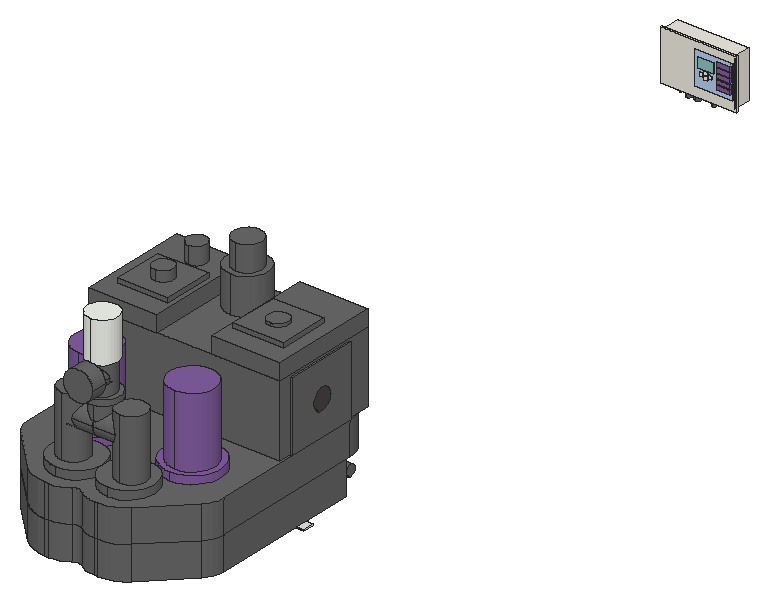
Revit family "11003", category Generic Models, Revit 2021
Family settings
  Can host rebar = No
  Round Connector Dimension = Use Diameter
  Part Type = Normal
  Work Plane-Based = No
  Always vertical = Yes
  Cut with Voids When Loaded = No
  Shared = Yes
  Room Calculation Point = No
Parameters (values of type "11003")
  SUPPLIER = "KESSEL"
  SA700ID49 = "Protection Class I"
  SA700ID48 = "no"
  SA700ID47 = "no"
  SA700ID46 = "yes"
  SA700ID37 = 7000 mm
  SA700ID34 = 38
  SA700ID33 = 1.6 W
  SA700ID32 = 99.93 kg
  SA700ID31 = 1
  SA700ID30 = 2
  SA700ID29 = "RWDR"
  SA700ID21 = 700
  SA700ID10 = "No"
  SA700ID08 = 230 V
  PROCUREWEBLINK = "https://p.caden.as/kessel/11003"
  PROCURELINK = "p.caden.as/kessel/11003"
  PROCUREDATALASTUPDATE = "2024-05-22T12:18:07.161584781+01:00"
  PREVIEW = "../../bilder/ksb_w_11003.png"
  PRC_SPECIFICATIONLINK = "https://ausschreiben.de/catalog/kessel/catalogItem/0a399993-a83f-419d-95d9-e2626e5854da"
  NN = "Lifting station Aqualift F XL"
  NBSYN = "$SA810ID03."
  NB = "11003"
  Model = "11003"
  Manufacturer = "KESSEL"
  MIdent = "{$CADENAS_DATA/23d-libs/kessel/kessel_vdi_import/4/entwaesserung/hebeanlage20aqualift20f20xl.prj},201 {STYP=ASS},{VTYP=3D},{NB=11003},{LINA=11003},{NN=Lifting station Aqualift F XL},{DATE=21.11.2022 10:48:11},{GEOMDATE=21.11.2022 10:48:11},{VERSION=},{LINEID=170},{WBVAR=LODLEVEL},{WBNUMERIC=LODLEVEL}  {NB=11003},{LINA=11003},{KT=DUMMY},{PREVIEW=../../bilder/ksb_w_11003.png},{SA700ID04=Hebeanlage Aqualift F XL 200 l, Duo, SPF 1400-S3, Schieber },{SA810ID06=04026092056707},{SA700ID34=38.00},{SA010ID03=201805},{SA810ID03=11003},{SA810ID10=Aqualift F XL 1400W-S3 Duo 200L m.S.KESSEL Aqualift F XL Hebeanlage für fäkalienhaltiges und fäkalienfreies Abwasser. Zur Aufstellung in frostgeschützten Räumen. Duoanlage mit zwei Pumpen des Typs SPF 1400-S3Sammelbehälter aus Polyethylen, mit verschraubter Reinigungsöffnung, Anschlussstutzen für Zulauf von oben DN100/150.Inklusive Tauchrohr zur pneumatischen Niveauerfassung,Entlüftungsanschluss DN 70 und Anschluss für eine Handmembranpumpe DN32.Behälter inklusive Haltewinkel zur Auftriebssicherung.Behältervolumen 200 Liter, max. Nutzvolumen bei Zulauf von oben ca. 120 Liter.Zwei seitliche und zwei rückseitige Anbohrflächen zur Montage weiterer Zuläufe bis DN 200 unter Verwendung von Durchgangsdichtungen.Inklusive KESSEL Schaltgerät Aqualift Comfort 230 V.Anwenderfreundliche Menüführung im mehrzeiligem Display. MitSelbstdiagnosesystem (SDS) und Erinnerungsfunktion für nächste Wartung.Anzeige der aktuellen Messwerte. Einfache Einstellung derfunktionsrelevanten Parameter, inklusive Betriebsstundenzähler und Anschlussmöglichkeit für potentialfreien Kontakt. OptionaleWeiterleitung von Alarm- und Sammelstörmeldung über GSM Schnittstelle.Schaltgerät mit Volltextanzeige in sechs Sprachen.Abwasserpumpe(n) mit Freistromrad zur Förderung von fäkalienfreiem und fäkalienhaltigem Abwasser gemäß DIN EN 12050-1. Freier Kugeldurchgang mindestens 40 mm. Pumpe(n) überflutungssicher. Inklusive Rückflussverhinderer, mit Druckabgang aus Kunststoff DN 100. Inklusive Absperrschieber.Pumpe(n) Typ SPF 1400-S3Fördermenge: max. 38 m³/hFörderhöhe: max. 7 mNennleistung (P2): 1,1 KW je PumpeAufnahmeleistung (P1): 1,6 KW je PumpeBetriebsspannung: 230 V WSNennfrequenz: 50 HzNennstrom: 7,3 AAbsicherung: 1 x 16 A trägeSchutzart (Pumpe): IP68 3mWS/48hSchutzart (Schaltgerät): IP 54Bertiebsart: S3 (50 % Einschaltdauer)Kabellänge: 5 mAußenmaße Anlage mit 200 Liter Behälter (BxTxH): 760 x 980 x 770 mm},{SA700ID37=7.00},{SA700ID33=1.60},{SA700ID08=230},{SA700ID30=2},{SA700ID32=99.93},{SA700ID49=Schutzklasse I},{SA700ID50=nein},{SA200ID03=6},{SA250ID03=vertikal},{SA260ID03=Trockenläuferpumpe},{SA350ID03=normalansaugend},{SA400ID03=E-Motor für Wechselstrom},{SA460ID03=direkt},{SA500ID03=Kunststoff, Edelstahl},{SA700ID06=100},{SA700ID07=100},{SA700ID09=1/N/PE 230V},{SA700ID10=Nein},{SA700ID11=50},{SA700ID12=IP 68},{SA700ID13=F},{SA700ID15=40},{SA700ID21=700.00},{SA700ID22=1.10},{SA700ID23=1370},{SA700ID24=1370},{SA700ID26=7.30},{SA700ID27=23.00},{SA700ID28=durchgehend},{SA700ID29=RWDR},{SA700ID31=1},{SA700ID46=ja},{SA700ID47=nein},{SA700ID48=nein},{SA110ID04=Hebeanlage Aqualift F XL},{SA300ID03=einstufig},{SA700ID44=10.00},{SA700ID45=10.00},{SA010ID04=KESSEL AG},{LODLEVEL=200},{LINK=https://www.kessel.de/info?han=11003},{SA970ID01=970},{SA970ID02=7124},{SA970ID03=11003},{SA970ID04=11002617},{SA970ID05=QUAD},{SA970ID06=-410.05},{SA970ID07=-850.05},{SA970ID08=0},{SA970ID09=1},{SA970ID10=0},{SA970ID11=0},{SA970ID12=0},{SA970ID13=1},{SA970ID14=0},{SA970ID15=820.09},{SA970ID16=980.02},{SA970ID17=818.98},{LODLEVEL_=200,'Low'},{LODLEVEL_DEU=200,'Low'},{LINK_=https://www.kessel.de/info?han=11003},{LINK_DEU=https://www.kessel.de/info?han=11003},{LODLEVEL_3DB=11003_200},{DNIN1=100},{DNIN2=70},{DNIN4=10},{DNIN5=10},{DNIN6=50},{DNIN7=50},{DNIN8=50},{DNIN9=50},{DNOUT1=32},{DNOUT2=100},{DNOUT3=70},{ISD1=96},{ISD2=10},{ISDOUT1=40},{ISDOUT2=70},{ISDOUT3=MIN},{SA010ID01=010},{SA010ID02=4},{SA010ID06=www.kessel.de},{SA010ID07=www.kessel.de},{SA010ID12=20180713},{SA010ID13=DEU},{SA010ID14=DE},{SA100ID01=100},{SA100ID02=4},{SA100ID04=Entwässerung},{SA110ID01=110},{SA110ID02=6},{SA200ID01=200},{SA200ID02=6},{SA250ID01=250},{SA250ID02=2},{SA260ID01=260},{SA260ID02=2},{SA300ID01=300},{SA300ID02=1},{SA350ID01=350},{SA350ID02=1},{SA400ID01=400},{SA400ID02=1},{SA460ID01=460},{SA460ID02=1},{SA500ID01=500},{SA500ID02=1},{SA700ID01=700},{SA700ID02=40},{SA700ID10_=0},{SA700ID16=0},{SA700ID25=0},{SA700ID46_=1},{SA700ID47_=0},{SA700ID48_=0},{SA700ID49_=1},{SA700ID50_=0},{SA800ID01=800},{SA800ID02=4},{SA810ID01=810},{SA810ID02=40},{SA810ID04=11003},{SA810ID07=40},{SA810ID09=1},{SA810ID14=PCE},{SA810ID15=1},{SA810ID16=NMP},{SA960ID03=40},{SA960ID04=3L},{SA960ID08=https://www.kessel.de/info?han=11003},{SA010ID08=4026092000007},{SA100ID05=Hebeanlage},{SA110ID06=Hebeanlage}"
  LINK = "https://www.kessel.de/info?han=11003"
  LINA = "11003"
  Default Elevation = 0 mm
  CREATOR = "CADENAS GmbH"
  CATALOG = "KESSEL"
  BOMINFO = "LINA"
  ARTICLENO = "NB"
  4.810.00.9 Order quantity (multiplicator) = "1"
  4.810.00.7 Media- connection number = "40"
  4.810.00.6 GTIN number = "04026092056707"
  4.810.00.4 DATANORM number = "11003"
  4.810.00.3 Producer order number = "11003"
  4.710.03.7 Mass (net) = 99.93 kg
  4.710.03.6 Height = 807 mm
  4.710.03.5 Width = 760 mm
  4.710.03.4 Length = 980 mm
  4.710.03.3 Type of dimensions = "2"
  4.710.02.8 Area of application of wastewater pump = "1"
  4.710.02.7 Art des S2/S3-Betriebs = "50 %"
  4.710.02.6 Duty type = "S3"
  4.710.02.5 Cutting device = "0"
  4.710.02.4 Attached pump control = "1"
  4.710.02.3 Free passage = 40 mm
  4.710.01.6 Option to connect to building automation = "40"
  4.710.01.5 Load regulation = "0"
  4.710.01.4 Designation of closed-loop control = "120"
  4.710.01.3 Identifier for closed-loop control = "200"
  4.700.00.9 Voltage = 0
  4.700.00.8 Nominal connection size on suction side = "100"
  4.700.00.7 Nominal connection size on pressure side = "100"
  4.700.00.6 Type of connection = "100"
  4.700.00.4 Product indentification = "Hebeanlage Aqualift F XL 200 l, Duo, SPF 1400-S3, Schieber "
  4.700.00.28 Motor pump shaft = "durchgehend"
  4.700.00.27 Starting current = 23
  4.700.00.26 Maximum power consumption per pump / drive = 7.3
  4.700.00.25 Minimum speed at internal speed adjustment = 0
  4.700.00.24 Nominal speed / maximum speed n = 22.8333
  4.700.00.23 Nominal speed of motor = 22.8333
  4.700.00.22 Maximum shaft output (P2) per pump/drive = 1.1 W
  4.700.00.16 Maximum temperature of pumped medium = 0 °C
  4.700.00.15 Increased safety class = "40 °C"
  4.700.00.13 Type of protection = "F"
  4.700.00.12 Frequency = 0
  4.700.00.11 Stern-/Dreieck-Anlaufschaltung bei Dreiphasenanschluss oder Drehstrom = "50 Hz"
  4.700.00.10 Phase = "0"
  4.500.00.3 Variant / Variant type / Accessories-name = "Kunststoff, Edelstahl"
  4.460.00.3 Variant / Variant type / Accessories-name = "direkt"
  4.400.00.3 Variant / Variant type / Accessories-name = "E-Motor für Wechselstrom"
  4.350.00.3 Variant / Variant type / Accessories-name = "normalansaugend"
  4.300.00.3 Variant / Variant type / Accessories-name = "einstufig"
  4.260.00.3 Variant / Variant type / Accessories-name = "Trockenläuferpumpe"
  4.250.00.3 Variant / Variant type / Accessories-name = "vertikal"
  4.200.00.3 Variant / Variant type / Accessories-name = "6"
  4.110.00.6 Product classification = "Hebeanlage"
  4.110.00.4 Product indentification = "Hebeanlage Aqualift F XL"
  4.100.00.5 Main groups of wares = "Hebeanlage"
  4.100.00.4 Product indentification = "Entwässerung"
  4.010.00.8 Producer ID number = "4026092000007"
  4.010.00.7 Comment = "www.kessel.de"
  4.010.00.6 Web address of the manufacturer = "www.kessel.de"
  4.010.00.4 Manufacturer name = "KESSEL AG"
  4.010.00.3 Date of issuance (month) of guideline = "201805"
  4.010.00.2 Sheet number of the guideline = "4"
  4.010.00.14 Kennungen der Projektländer, für die die Datei gültig ist = "DE"
  4.010.00.13 Sprache der Datei = "DEU"
  4.010.00.12 Stand des Herstellerkatalogs = "20180713"
Reference planes
  plane 1 "Center (Front/Back)": y = 0
  plane 2: z = 0
  plane 3 "Center (Left/Right)": x = 0
Forms (mm)
  Extrusion 1, void
    sketch origin (380.4, -114.999, 392) x (0, -1, 0) y (0, 0, 1)
      loop
        line (-0.5, -0.5) -> (0.5, -0.5) -> (0.5, 0.5) -> (-0.5, 0.5) -> (-0.5, -0.5)
    from 0 to 1
  Extrusion 2, void
    sketch origin (160.15, 130.5, 392) x (1, 0, 0) y (0, 0, 1)
      loop
        line (-0.5, -0.5) -> (0.5, -0.5) -> (0.5, 0.5) -> (-0.5, 0.5) -> (-0.5, -0.5)
    from 0 to 1
  Extrusion 3, void
    sketch origin (-161, 130.5, 392) x (1, 0, 0) y (0, 0, 1)
      loop
        line (-0.5, -0.5) -> (0.5, -0.5) -> (0.5, 0.5) -> (-0.5, 0.5) -> (-0.5, -0.5)
    from 0 to 1
  Extrusion 4, void
    sketch origin (-380.4, -115, 392) x (0, 1, 0) y (0, 0, 1)
      loop
        line (-0.5, -0.5) -> (0.5, -0.5) -> (0.5, 0.5) -> (-0.5, 0.5) -> (-0.5, -0.5)
    from 0 to 1
Dimensions and locks
  locked: plane 2 to Extrusion 1 at 392.5
  locked: plane 2 to Extrusion 1 at 391.5
  locked: plane 2 to Extrusion 2 at 392.5
  locked: plane 2 to Extrusion 2 at 391.5
  locked: plane 2 to Extrusion 3 at 392.5
  locked: plane 2 to Extrusion 3 at 391.5
  locked: plane 2 to Extrusion 4 at 392.5
  locked: plane 2 to Extrusion 4 at 391.5
  aligned and locked: level to plane 2
Nested families
  nested 1: "11003_content" at (0, 0, 0), type "11003_Content"
  nested 2: "11003_part1_X0Y0" at (1000, 1000, 1200), type "11003_PART1_X0Y0"
  nested 3: "11003_part2_X0Y0" at (0, 0, 0), type "11003_PART2_X0Y0"
Connectors
  electrical at (896, 972.5, 1160.5)
    settings: on nested 2, index 1, voltage 230 V, apparent load 0 VA, apparent load phase1 0 VA, apparent load phase2 0 VA, apparent load phase3 0 VA, power factor 1, load classification "Other", number of poles 3, system type 31, power factor state 1, is connector primary yes, connector utility no, sub classification motor no, connector description ""
  piping at (0, 0, 771), diameter 100
    settings: on nested 3, index 2, connector inside diameter 609.6 mm, connector length 0 mm, flow factor 0, pipe flow 0.0 L/s, pressure drop 0.0 Pa, fitting loss kfactor 0, connector angle 0.00°, fixture units 0, engagement length 0 mm, angle of deflection 0.00°, flow configuration 0, flow direction 1, fitting loss method 2, system type 8, joint type 0, gender type 0, connector reference index -1, connector utility 0, adjustable connector no, is connector primary yes, connector description ""
  piping at (380.4, -114.999, 392), diameter 70
    settings: on Extrusion 1, index 3, connector inside diameter 609.6 mm, connector length 0 mm, flow factor 0, pipe flow 0.0 L/s, pressure drop 0.0 Pa, fitting loss kfactor 0, connector angle 0.00°, fixture units 0, engagement length 0 mm, angle of deflection 0.00°, flow configuration 0, flow direction 0, fitting loss method 2, system type 8, joint type 0, gender type 0, connector reference index -1, connector utility 0, adjustable connector no, is connector primary no, connector description ""
  piping at (160.15, 130.5, 392), diameter 70
    settings: on Extrusion 2, index 4, connector inside diameter 609.6 mm, connector length 0 mm, flow factor 0, pipe flow 0.0 L/s, pressure drop 0.0 Pa, fitting loss kfactor 0, connector angle 0.00°, fixture units 0, engagement length 0 mm, angle of deflection 0.00°, flow configuration 0, flow direction 0, fitting loss method 2, system type 8, joint type 0, gender type 0, connector reference index -1, connector utility 0, adjustable connector no, is connector primary no, connector description ""
  piping at (-161, 130.5, 392), diameter 70
    settings: on Extrusion 3, index 5, connector inside diameter 609.6 mm, connector length 0 mm, flow factor 0, pipe flow 0.0 L/s, pressure drop 0.0 Pa, fitting loss kfactor 0, connector angle 0.00°, fixture units 0, engagement length 0 mm, angle of deflection 0.00°, flow configuration 0, flow direction 0, fitting loss method 2, system type 8, joint type 0, gender type 0, connector reference index -1, connector utility 0, adjustable connector no, is connector primary no, connector description ""
  piping at (-380.4, -115, 392), diameter 70
    settings: on Extrusion 4, index 6, connector inside diameter 609.6 mm, connector length 0 mm, flow factor 0, pipe flow 0.0 L/s, pressure drop 0.0 Pa, fitting loss kfactor 0, connector angle 0.00°, fixture units 0, engagement length 0 mm, angle of deflection 0.00°, flow configuration 0, flow direction 0, fitting loss method 2, system type 8, joint type 0, gender type 0, connector reference index -1, connector utility 0, adjustable connector no, is connector primary no, connector description ""
  piping at (0, -818, 611), diameter 100
    settings: on nested 3, index 7, connector inside diameter 609.6 mm, connector length 0 mm, flow factor 0, pipe flow 0.0 L/s, pressure drop 0.0 Pa, fitting loss kfactor 0, connector angle 0.00°, fixture units 0, engagement length 0 mm, angle of deflection 0.00°, flow configuration 0, flow direction 2, fitting loss method 2, system type 7, joint type 0, gender type 0, connector reference index -1, connector utility 0, adjustable connector no, is connector primary no, connector description ""
  piping at (-225, 36, 661), diameter 70
    settings: on nested 3, index 8, connector inside diameter 609.6 mm, connector length 0 mm, flow factor 0, pipe flow 0.0 L/s, pressure drop 0.0 Pa, fitting loss kfactor 0, connector angle 0.00°, fixture units 0, engagement length 0 mm, angle of deflection 0.00°, flow configuration 0, flow direction 2, fitting loss method 2, system type 8, joint type 0, gender type 0, connector reference index -1, connector utility 0, adjustable connector no, is connector primary no, connector description ""
  piping at (354.5, 56, 60), diameter 32
    settings: on nested 3, index 9, connector inside diameter 609.6 mm, connector length 0 mm, flow factor 0, pipe flow 0.0 L/s, pressure drop 0.0 Pa, fitting loss kfactor 0, connector angle 0.00°, fixture units 0, engagement length 0 mm, angle of deflection 0.00°, flow configuration 0, flow direction 2, fitting loss method 2, system type 8, joint type 0, gender type 0, connector reference index -1, connector utility 0, adjustable connector no, is connector primary no, connector description ""
  electrical at (185, -497, 557)
    settings: on nested 3, index 10, voltage 0 V, apparent load 0 VA, apparent load phase1 0 VA, apparent load phase2 0 VA, apparent load phase3 0 VA, power factor 1, load classification "Other", number of poles 1, system type 31, power factor state 1, is connector primary no, connector utility no, sub classification motor no, connector description ""
  electrical at (-185, -496.75, 557)
    settings: on nested 3, index 11, voltage 0 V, apparent load 0 VA, apparent load phase1 0 VA, apparent load phase2 0 VA, apparent load phase3 0 VA, power factor 1, load classification "Other", number of poles 1, system type 31, power factor state 1, is connector primary no, connector utility no, sub classification motor no, connector description ""
  electrical at (-222.5, -129, 650)
    settings: on nested 3, index 12, voltage 0 V, apparent load 0 VA, apparent load phase1 0 VA, apparent load phase2 0 VA, apparent load phase3 0 VA, power factor 1, load classification "Other", number of poles 1, system type 31, power factor state 1, is connector primary no, connector utility no, sub classification motor no, connector description ""
Definition of nested family "11003_part1_X0Y0"
  Parameters (values of type "11003_PART1_X0Y0")
    SUPPLIER = "KESSEL"
    SA700ID49 = "Protection Class I"
    SA700ID48 = "no"
    SA700ID47 = "no"
    SA700ID46 = "yes"
    SA700ID37 = 7000 mm
    SA700ID34 = 38
    SA700ID33 = 1.6 W
    SA700ID32 = 99.93 kg
    SA700ID31 = 1
    SA700ID30 = 2
    SA700ID29 = "RWDR"
    SA700ID21 = 700
    SA700ID10 = "No"
    SA700ID08 = 230 V
    PREVIEW = "../../bilder/ksb_w_11003.png"
    NBSYN = "$SA810ID03._PART1"
    NB = "11003_PART1"
    Model = "11003_PART1"
    Manufacturer = "KESSEL"
    MIdent = "{$CADENAS_DATA/23d-libs/kessel/kessel_vdi_import/4/entwaesserung/hebeanlage20aqualift20f20xl.prj},221 {VTYP=3D},{NB=11003_PART1},{LINA=11003_PART1},{NN=Lifting station Aqualift F XL_PART1},{NOPRJ=TRUE},{DATE=21.11.2022 10:48:11},{GEOMDATE=21.11.2022 10:48:11},{VERSION=},{LINEID=170},{WBVAR=LODLEVEL},{WBNUMERIC=LODLEVEL}  {NB=11003_PART1},{LINA=11003_PART1},{KT=DUMMY},{PREVIEW=../../bilder/ksb_w_11003.png},{SA700ID04=Hebeanlage Aqualift F XL 200 l, Duo, SPF 1400-S3, Schieber },{SA810ID06=04026092056707},{SA700ID34=38.00},{SA010ID03=201805},{SA810ID03=11003},{SA810ID10=Aqualift F XL 1400W-S3 Duo 200L m.S.KESSEL Aqualift F XL Hebeanlage für fäkalienhaltiges und fäkalienfreies Abwasser. Zur Aufstellung in frostgeschützten Räumen. Duoanlage mit zwei Pumpen des Typs SPF 1400-S3Sammelbehälter aus Polyethylen, mit verschraubter Reinigungsöffnung, Anschlussstutzen für Zulauf von oben DN100/150.Inklusive Tauchrohr zur pneumatischen Niveauerfassung,Entlüftungsanschluss DN 70 und Anschluss für eine Handmembranpumpe DN32.Behälter inklusive Haltewinkel zur Auftriebssicherung.Behältervolumen 200 Liter, max. Nutzvolumen bei Zulauf von oben ca. 120 Liter.Zwei seitliche und zwei rückseitige Anbohrflächen zur Montage weiterer Zuläufe bis DN 200 unter Verwendung von Durchgangsdichtungen.Inklusive KESSEL Schaltgerät Aqualift Comfort 230 V.Anwenderfreundliche Menüführung im mehrzeiligem Display. MitSelbstdiagnosesystem (SDS) und Erinnerungsfunktion für nächste Wartung.Anzeige der aktuellen Messwerte. Einfache Einstellung derfunktionsrelevanten Parameter, inklusive Betriebsstundenzähler und Anschlussmöglichkeit für potentialfreien Kontakt. OptionaleWeiterleitung von Alarm- und Sammelstörmeldung über GSM Schnittstelle.Schaltgerät mit Volltextanzeige in sechs Sprachen.Abwasserpumpe(n) mit Freistromrad zur Förderung von fäkalienfreiem und fäkalienhaltigem Abwasser gemäß DIN EN 12050-1. Freier Kugeldurchgang mindestens 40 mm. Pumpe(n) überflutungssicher. Inklusive Rückflussverhinderer, mit Druckabgang aus Kunststoff DN 100. Inklusive Absperrschieber.Pumpe(n) Typ SPF 1400-S3Fördermenge: max. 38 m³/hFörderhöhe: max. 7 mNennleistung (P2): 1,1 KW je PumpeAufnahmeleistung (P1): 1,6 KW je PumpeBetriebsspannung: 230 V WSNennfrequenz: 50 HzNennstrom: 7,3 AAbsicherung: 1 x 16 A trägeSchutzart (Pumpe): IP68 3mWS/48hSchutzart (Schaltgerät): IP 54Bertiebsart: S3 (50 % Einschaltdauer)Kabellänge: 5 mAußenmaße Anlage mit 200 Liter Behälter (BxTxH): 760 x 980 x 770 mm},{SA700ID37=7.00},{SA700ID33=1.60},{SA700ID08=230},{SA700ID30=2},{SA700ID32=99.93},{SA700ID49=Schutzklasse I},{SA700ID50=nein},{SA200ID03=6},{SA250ID03=vertikal},{SA260ID03=Trockenläuferpumpe},{SA350ID03=normalansaugend},{SA400ID03=E-Motor für Wechselstrom},{SA460ID03=direkt},{SA500ID03=Kunststoff, Edelstahl},{SA700ID06=100},{SA700ID07=100},{SA700ID09=1/N/PE 230V},{SA700ID10=Nein},{SA700ID11=50},{SA700ID12=IP 68},{SA700ID13=F},{SA700ID15=40},{SA700ID21=700.00},{SA700ID22=1.10},{SA700ID23=1370},{SA700ID24=1370},{SA700ID26=7.30},{SA700ID27=23.00},{SA700ID28=durchgehend},{SA700ID29=RWDR},{SA700ID31=1},{SA700ID46=ja},{SA700ID47=nein},{SA700ID48=nein},{SA110ID04=Hebeanlage Aqualift F XL},{SA300ID03=einstufig},{SA700ID44=10.00},{SA700ID45=10.00},{SA010ID04=KESSEL AG},{LODLEVEL=200},{LINK=https://www.kessel.de/info?han=11003},{SA970ID01=970},{SA970ID02=7124},{SA970ID03=11003},{SA970ID04=11002617},{SA970ID05=QUAD},{SA970ID06=-410.05},{SA970ID07=-850.05},{SA970ID08=0},{SA970ID09=1},{SA970ID10=0},{SA970ID11=0},{SA970ID12=0},{SA970ID13=1},{SA970ID14=0},{SA970ID15=820.09},{SA970ID16=980.02},{SA970ID17=818.98},{LODLEVEL_=200,'Low'},{LODLEVEL_DEU=200,'Low'},{LINK_=https://www.kessel.de/info?han=11003},{LINK_DEU=https://www.kessel.de/info?han=11003},{LODLEVEL_3DB=11003_200},{DNIN1=100},{DNIN2=70},{DNIN4=10},{DNIN5=10},{DNIN6=50},{DNIN7=50},{DNIN8=50},{DNIN9=50},{DNOUT1=32},{DNOUT2=100},{DNOUT3=70},{ISD1=96},{ISD2=10},{ISDOUT1=40},{ISDOUT2=70},{ISDOUT3=MIN},{SA010ID01=010},{SA010ID02=4},{SA010ID06=www.kessel.de},{SA010ID07=www.kessel.de},{SA010ID12=20180713},{SA010ID13=DEU},{SA010ID14=DE},{SA100ID01=100},{SA100ID02=4},{SA100ID04=Entwässerung},{SA110ID01=110},{SA110ID02=6},{SA200ID01=200},{SA200ID02=6},{SA250ID01=250},{SA250ID02=2},{SA260ID01=260},{SA260ID02=2},{SA300ID01=300},{SA300ID02=1},{SA350ID01=350},{SA350ID02=1},{SA400ID01=400},{SA400ID02=1},{SA460ID01=460},{SA460ID02=1},{SA500ID01=500},{SA500ID02=1},{SA700ID01=700},{SA700ID02=40},{SA700ID10_=0},{SA700ID16=0},{SA700ID25=0},{SA700ID46_=1},{SA700ID47_=0},{SA700ID48_=0},{SA700ID49_=1},{SA700ID50_=0},{SA800ID01=800},{SA800ID02=4},{SA810ID01=810},{SA810ID02=40},{SA810ID04=11003},{SA810ID07=40},{SA810ID09=1},{SA810ID14=PCE},{SA810ID15=1},{SA810ID16=NMP},{SA960ID03=40},{SA960ID04=3L},{SA960ID08=https://www.kessel.de/info?han=11003},{SA010ID08=4026092000007},{SA100ID05=Hebeanlage},{SA110ID06=Hebeanlage}"
    LINK = "https://www.kessel.de/info?han=11003"
    LINA = "11003_PART1"
    Default Elevation = 1219.2 mm
    CREATOR = "CADENAS GmbH"
    CATALOG = "KESSEL"
    BOMINFO = "LINA"
    ARTICLENO = "NB"
    4.810.00.9 Order quantity (multiplicator) = "1"
    4.810.00.7 Media- connection number = "40"
    4.810.00.6 GTIN number = "04026092056707"
    4.810.00.4 DATANORM number = "11003"
    4.810.00.3 Producer order number = "11003"
    4.710.03.7 Mass (net) = 99.93 kg
    4.710.03.6 Height = 807 mm
    4.710.03.5 Width = 760 mm
    4.710.03.4 Length = 980 mm
    4.710.03.3 Type of dimensions = "2"
    4.710.02.8 Area of application of wastewater pump = "1"
    4.710.02.7 Art des S2/S3-Betriebs = "50 %"
    4.710.02.6 Duty type = "S3"
    4.710.02.5 Cutting device = "0"
    4.710.02.4 Attached pump control = "1"
    4.710.02.3 Free passage = 40 mm
    4.710.01.6 Option to connect to building automation = "40"
    4.710.01.5 Load regulation = "0"
    4.710.01.4 Designation of closed-loop control = "120"
    4.710.01.3 Identifier for closed-loop control = "200"
    4.700.00.9 Voltage = 0
    4.700.00.8 Nominal connection size on suction side = "100"
    4.700.00.7 Nominal connection size on pressure side = "100"
    4.700.00.6 Type of connection = "100"
    4.700.00.4 Product indentification = "Hebeanlage Aqualift F XL 200 l, Duo, SPF 1400-S3, Schieber "
    4.700.00.28 Motor pump shaft = "durchgehend"
    4.700.00.27 Starting current = 23
    4.700.00.26 Maximum power consumption per pump / drive = 7.3
    4.700.00.25 Minimum speed at internal speed adjustment = 0
    4.700.00.24 Nominal speed / maximum speed n = 22.8333
    4.700.00.23 Nominal speed of motor = 22.8333
    4.700.00.22 Maximum shaft output (P2) per pump/drive = 1.1 W
    4.700.00.16 Maximum temperature of pumped medium = 0 °C
    4.700.00.15 Increased safety class = "40 °C"
    4.700.00.13 Type of protection = "F"
    4.700.00.12 Frequency = 0
    4.700.00.11 Stern-/Dreieck-Anlaufschaltung bei Dreiphasenanschluss oder Drehstrom = "50 Hz"
    4.700.00.10 Phase = "0"
    4.500.00.3 Variant / Variant type / Accessories-name = "Kunststoff, Edelstahl"
    4.460.00.3 Variant / Variant type / Accessories-name = "direkt"
    4.400.00.3 Variant / Variant type / Accessories-name = "E-Motor für Wechselstrom"
    4.350.00.3 Variant / Variant type / Accessories-name = "normalansaugend"
    4.300.00.3 Variant / Variant type / Accessories-name = "einstufig"
    4.260.00.3 Variant / Variant type / Accessories-name = "Trockenläuferpumpe"
    4.250.00.3 Variant / Variant type / Accessories-name = "vertikal"
    4.200.00.3 Variant / Variant type / Accessories-name = "6"
    4.110.00.6 Product classification = "Hebeanlage"
    4.110.00.4 Product indentification = "Hebeanlage Aqualift F XL"
    4.100.00.5 Main groups of wares = "Hebeanlage"
    4.100.00.4 Product indentification = "Entwässerung"
    4.010.00.8 Producer ID number = "4026092000007"
    4.010.00.7 Comment = "www.kessel.de"
    4.010.00.6 Web address of the manufacturer = "www.kessel.de"
    4.010.00.4 Manufacturer name = "KESSEL AG"
    4.010.00.3 Date of issuance (month) of guideline = "201805"
    4.010.00.2 Sheet number of the guideline = "4"
    4.010.00.14 Kennungen der Projektländer, für die die Datei gültig ist = "DE"
    4.010.00.13 Sprache der Datei = "DEU"
    4.010.00.12 Stand des Herstellerkatalogs = "20180713"
  Reference planes
    plane 1 "Center (Front/Back)": y = 0
    plane 2: z = 0
    plane 3 "Center (Left/Right)": x = 0
  Dimensions and locks
    aligned and locked: level to plane 2
  Nested families
    nested 1: "11003_part1_content" at (0, 0, 0), type "11003_PART1_Content"
  Definition of nested family "11003_part1_content"
    Parameters (values of type "11003_PART1_Content")
      SUPPLIER = "KESSEL"
      SA700ID49 = "Protection Class I"
      SA700ID48 = "no"
      SA700ID47 = "no"
      SA700ID46 = "yes"
      SA700ID37 = 7000 mm
      SA700ID34 = 38
      SA700ID33 = 1.6 W
      SA700ID32 = 99.93 kg
      SA700ID31 = 1
      SA700ID30 = 2
      SA700ID29 = "RWDR"
      SA700ID21 = 700
      SA700ID10 = "No"
      SA700ID08 = 230 V
      PREVIEW = "../../bilder/ksb_w_11003.png"
      NBSYN = "$SA810ID03._PART1"
      NB = "11003_PART1"
      Model = "11003_PART1"
      Manufacturer = "KESSEL"
      LINK = "https://www.kessel.de/info?han=11003"
      LINA = "11003_PART1"
      Default Elevation = 1219.2 mm
      CREATOR = "CADENAS GmbH"
      CATALOG = "KESSEL"
      BOMINFO = "LINA"
      ARTICLENO = "NB"
      4.810.00.9 Order quantity (multiplicator) = "1"
      4.810.00.7 Media- connection number = "40"
      4.810.00.6 GTIN number = "04026092056707"
      4.810.00.4 DATANORM number = "11003"
      4.810.00.3 Producer order number = "11003"
      4.710.03.7 Mass (net) = 99.93 kg
      4.710.03.6 Height = 807 mm
      4.710.03.5 Width = 760 mm
      4.710.03.4 Length = 980 mm
      4.710.03.3 Type of dimensions = "2"
      4.710.02.8 Area of application of wastewater pump = "1"
      4.710.02.7 Art des S2/S3-Betriebs = "50 %"
      4.710.02.6 Duty type = "S3"
      4.710.02.5 Cutting device = "0"
      4.710.02.4 Attached pump control = "1"
      4.710.02.3 Free passage = 40 mm
      4.710.01.6 Option to connect to building automation = "40"
      4.710.01.5 Load regulation = "0"
      4.710.01.4 Designation of closed-loop control = "120"
      4.710.01.3 Identifier for closed-loop control = "200"
      4.700.00.9 Voltage = 0
      4.700.00.8 Nominal connection size on suction side = "100"
      4.700.00.7 Nominal connection size on pressure side = "100"
      4.700.00.6 Type of connection = "100"
      4.700.00.4 Product indentification = "Hebeanlage Aqualift F XL 200 l, Duo, SPF 1400-S3, Schieber "
      4.700.00.28 Motor pump shaft = "durchgehend"
      4.700.00.27 Starting current = 23
      4.700.00.26 Maximum power consumption per pump / drive = 7.3
      4.700.00.25 Minimum speed at internal speed adjustment = 0
      4.700.00.24 Nominal speed / maximum speed n = 22.8333
      4.700.00.23 Nominal speed of motor = 22.8333
      4.700.00.22 Maximum shaft output (P2) per pump/drive = 1.1 W
      4.700.00.16 Maximum temperature of pumped medium = 0 °C
      4.700.00.15 Increased safety class = "40 °C"
      4.700.00.13 Type of protection = "F"
      4.700.00.12 Frequency = 0
      4.700.00.11 Stern-/Dreieck-Anlaufschaltung bei Dreiphasenanschluss oder Drehstrom = "50 Hz"
      4.700.00.10 Phase = "0"
      4.500.00.3 Variant / Variant type / Accessories-name = "Kunststoff, Edelstahl"
      4.460.00.3 Variant / Variant type / Accessories-name = "direkt"
      4.400.00.3 Variant / Variant type / Accessories-name = "E-Motor für Wechselstrom"
      4.350.00.3 Variant / Variant type / Accessories-name = "normalansaugend"
      4.300.00.3 Variant / Variant type / Accessories-name = "einstufig"
      4.260.00.3 Variant / Variant type / Accessories-name = "Trockenläuferpumpe"
      4.250.00.3 Variant / Variant type / Accessories-name = "vertikal"
      4.200.00.3 Variant / Variant type / Accessories-name = "6"
      4.110.00.6 Product classification = "Hebeanlage"
      4.110.00.4 Product indentification = "Hebeanlage Aqualift F XL"
      4.100.00.5 Main groups of wares = "Hebeanlage"
      4.100.00.4 Product indentification = "Entwässerung"
      4.010.00.8 Producer ID number = "4026092000007"
      4.010.00.7 Comment = "www.kessel.de"
      4.010.00.6 Web address of the manufacturer = "www.kessel.de"
      4.010.00.4 Manufacturer name = "KESSEL AG"
      4.010.00.3 Date of issuance (month) of guideline = "201805"
      4.010.00.2 Sheet number of the guideline = "4"
      4.010.00.14 Kennungen der Projektländer, für die die Datei gültig ist = "DE"
      4.010.00.13 Sprache der Datei = "DEU"
      4.010.00.12 Stand des Herstellerkatalogs = "20180713"
    Reference planes
      plane 1 "Center (Front/Back)": y = 0
      plane 2: z = 0
      plane 3 "Center (Left/Right)": x = 0
    Forms (mm)
      Extrusion 1, solid, detail levels medium+fine
        sketch origin (49.8, -68, 72.1) x (0, -1, 0) y (0, 0, 1)
          loop
            line (-0.5, 12) -> (-0.5, 0) -> (1, 0) -> (1, 12) -> (-0.5, 12)
        from 0 to 12
      Extrusion 2, solid, detail levels medium+fine
        sketch origin (129.3, -67, 28.2) x (0, -1, 0) y (0, 0, 1)
          loop
            line (-0.5, 127) -> (-0.5, 0) -> (1, 0) -> (1, 127) -> (-0.5, 127)
        from 0 to 146
      Extrusion 3, solid, detail levels medium+fine
        sketch origin (33.3, -68, 80.45) x (0, -1, 0) y (0, 0, 1)
          loop
            line (-0.5, 12) -> (-0.5, 0) -> (1, 0) -> (1, 12) -> (-0.5, 12)
        from 0 to 12
      Extrusion 4, solid, detail levels medium+fine
        sketch origin (33.3, -68, 63.95) x (0, -1, 0) y (0, 0, 1)
          loop
            line (-0.5, 12) -> (-0.5, 0) -> (1, 0) -> (1, 12) -> (-0.5, 12)
        from 0 to 12
      Extrusion 5, solid, detail levels medium+fine
        sketch origin (56.3, -68, 95.45) x (0, -1, 0) y (0, 0, 1)
          loop
            line (-0.5, 37) -> (-0.5, 0) -> (1, 0) -> (1, 37) -> (-0.5, 37)
        from 0 to 60
      Extrusion 6, solid, detail levels medium+fine
        sketch origin (121.8, -68, 85.7) x (0, -1, 0) y (0, 0, 1)
          loop
            line (0, 16) -> (0, 0) -> (2, 0) -> (2, 16) -> (0, 16)
        from 0 to 51
      Extrusion 7, solid, detail levels medium+fine
        sketch origin (121.8, -68, 65.7) x (0, -1, 0) y (0, 0, 1)
          loop
            line (0, 16) -> (0, 0) -> (2, 0) -> (2, 16) -> (0, 16)
        from 0 to 51
      Extrusion 8, solid, detail levels medium+fine
        sketch origin (121.8, -68, 105.7) x (0, -1, 0) y (0, 0, 1)
          loop
            line (0, 16) -> (0, 0) -> (2, 0) -> (2, 16) -> (0, 16)
        from 0 to 51
      Extrusion 9, solid, detail levels medium+fine
        sketch origin (16.8, -68, 72.2) x (0, -1, 0) y (0, 0, 1)
          loop
            line (-0.5, 12) -> (-0.5, 0) -> (1, 0) -> (1, 12) -> (-0.5, 12)
        from 0 to 12
      Extrusion 10, solid, detail levels medium+fine
        sketch origin (121.8, -68, 45.7) x (0, -1, 0) y (0, 0, 1)
          loop
            line (0, 16) -> (0, 0) -> (2, 0) -> (2, 16) -> (0, 16)
        from 0 to 51
      Extrusion 11, solid, detail levels medium+fine
        sketch origin (147, -63.5, -7) x (0, -1, 0) y (0, 0, 1)
          loop
            line (0, 194) -> (0, 0) -> (3.5, 0) -> (3.5, 194) -> (0, 194)
        from 0 to 294
      Extrusion 12, solid, detail levels medium+fine
        sketch origin (136.25, 0, 0) x (0, -1, 0) y (0, 0, 1)
          loop
            line (0, 184) -> (0, 0) -> (63.5, 0) -> (63.5, 184) -> (0, 184)
        from 0 to 272.5
      Extrusion 13, solid, detail levels medium+fine
        sketch origin (121.75, -68, 125.75) x (0, -1, 0) y (0, 0, 1)
          loop
            line (0, 16) -> (0, 0) -> (2, 0) -> (2, 16) -> (0, 16)
        from 0 to 51
      Extrusion 14, solid, detail levels medium+fine
        sketch origin (26, -27.5, 0) x (1, 0, 0) y (0, -1, 0)
          loop
            circle (0, 0) r 11
        from 0 to 11
      Extrusion 15, solid, detail levels medium+fine
        sketch origin (26, -27.5, -11) x (1, 0, 0) y (0, -1, 0)
          loop
            circle (0, 0) r 11
        from 0 to 19.8
      Extrusion 16, solid, detail levels medium+fine
        sketch origin (26, -27.5, -30.7) x (1, 0, 0) y (0, -1, 0)
          loop
            circle (0, 0) r 6
        from 0 to 13.75
      Extrusion 17, solid, detail levels medium+fine
        sketch origin (2, -27.5, 0) x (1, 0, 0) y (0, -1, 0)
          loop
            circle (0, 0) r 11
        from 0 to 20
      Extrusion 18, solid, detail levels medium+fine
        sketch origin (2, -27.5, -20) x (1, 0, 0) y (0, -1, 0)
          loop
            circle (0, 0) r 8.65
        from 0 to 9.8
      Extrusion 19, solid, detail levels medium+fine
        sketch origin (-36, -27.5, 0) x (1, 0, 0) y (0, -1, 0)
          loop
            circle (0, 0) r 12
        from 0 to 15
      Extrusion 20, solid, detail levels medium+fine
        sketch origin (-36, -27.5, -15) x (1, 0, 0) y (0, -1, 0)
          loop
            circle (0, 0) r 11.75
        from 0 to 27.1
      Extrusion 21, solid, detail levels medium+fine
        sketch origin (54, -27.5, 0) x (1, 0, 0) y (0, -1, 0)
          loop
            circle (0, 0) r 10
        from 0 to 1.5
      Extrusion 22, solid, detail levels medium+fine
        sketch origin (-70, -27.5, 0) x (1, 0, 0) y (0, -1, 0)
          loop
            circle (0, 0) r 12
        from 0 to 15
      Extrusion 23, solid, detail levels medium+fine
        sketch origin (-70, -27.5, -15) x (1, 0, 0) y (0, -1, 0)
          loop
            circle (0, 0) r 11.75
        from 0 to 27.1
      Extrusion 24, solid, detail levels medium+fine
        sketch origin (82, -27.5, 0) x (1, 0, 0) y (0, -1, 0)
          loop
            circle (0, 0) r 10
        from 0 to 1.5
      Extrusion 25, solid, detail levels medium+fine
        sketch origin (-104, -27.5, 0) x (1, 0, 0) y (0, -1, 0)
          loop
            circle (0, 0) r 10
        from 0 to 9
      Extrusion 26, solid, detail levels medium+fine
        sketch origin (-104, -27.5, -9) x (1, 0, 0) y (0, -1, 0)
          loop
            circle (0, 0) r 11
        from 0 to 20.5
      Extrusion 27, solid, detail levels medium+fine
        sketch origin (-104, -27.5, -29.5) x (1, 0, 0) y (0, -1, 0)
          loop
            circle (0, 0) r 3
        from 0 to 10
      Extrusion 28, solid, detail levels medium+fine
        sketch origin (110, -27.5, 0) x (1, 0, 0) y (0, -1, 0)
          loop
            circle (0, 0) r 13.5
        from 0 to 1.5
      Extrusion 29, solid, detail levels coarse
        sketch origin (0, -35, -44.45) x (1, 0, 0) y (0, 1, 0)
          loop
            line (-147, -35) -> (147, -35) -> (147, 35) -> (-147, 35) -> (-147, -35)
        from 0 to 231.45
    Dimensions and locks
      aligned and locked: level to plane 2
Definition of nested family "11003_part2_X0Y0"
  Parameters (values of type "11003_PART2_X0Y0")
    SUPPLIER = "KESSEL"
    SA700ID49 = "Protection Class I"
    SA700ID48 = "no"
    SA700ID47 = "no"
    SA700ID46 = "yes"
    SA700ID37 = 7000 mm
    SA700ID34 = 38
    SA700ID33 = 1.6 W
    SA700ID32 = 99.93 kg
    SA700ID31 = 1
    SA700ID30 = 2
    SA700ID29 = "RWDR"
    SA700ID21 = 700
    SA700ID10 = "No"
    SA700ID08 = 230 V
    PREVIEW = "../../bilder/ksb_w_11003.png"
    NBSYN = "$SA810ID03._PART2"
    NB = "11003_PART2"
    Model = "11003_PART2"
    Manufacturer = "KESSEL"
    MIdent = "{$CADENAS_DATA/23d-libs/kessel/kessel_vdi_import/4/entwaesserung/hebeanlage20aqualift20f20xl.prj},221 {VTYP=3D},{NB=11003_PART2},{LINA=11003_PART2},{NN=Lifting station Aqualift F XL_PART2},{NOPRJ=TRUE},{DATE=21.11.2022 10:48:11},{GEOMDATE=21.11.2022 10:48:11},{VERSION=},{LINEID=170},{WBVAR=LODLEVEL},{WBNUMERIC=LODLEVEL}  {NB=11003_PART2},{LINA=11003_PART2},{KT=DUMMY},{PREVIEW=../../bilder/ksb_w_11003.png},{SA700ID04=Hebeanlage Aqualift F XL 200 l, Duo, SPF 1400-S3, Schieber },{SA810ID06=04026092056707},{SA700ID34=38.00},{SA010ID03=201805},{SA810ID03=11003},{SA810ID10=Aqualift F XL 1400W-S3 Duo 200L m.S.KESSEL Aqualift F XL Hebeanlage für fäkalienhaltiges und fäkalienfreies Abwasser. Zur Aufstellung in frostgeschützten Räumen. Duoanlage mit zwei Pumpen des Typs SPF 1400-S3Sammelbehälter aus Polyethylen, mit verschraubter Reinigungsöffnung, Anschlussstutzen für Zulauf von oben DN100/150.Inklusive Tauchrohr zur pneumatischen Niveauerfassung,Entlüftungsanschluss DN 70 und Anschluss für eine Handmembranpumpe DN32.Behälter inklusive Haltewinkel zur Auftriebssicherung.Behältervolumen 200 Liter, max. Nutzvolumen bei Zulauf von oben ca. 120 Liter.Zwei seitliche und zwei rückseitige Anbohrflächen zur Montage weiterer Zuläufe bis DN 200 unter Verwendung von Durchgangsdichtungen.Inklusive KESSEL Schaltgerät Aqualift Comfort 230 V.Anwenderfreundliche Menüführung im mehrzeiligem Display. MitSelbstdiagnosesystem (SDS) und Erinnerungsfunktion für nächste Wartung.Anzeige der aktuellen Messwerte. Einfache Einstellung derfunktionsrelevanten Parameter, inklusive Betriebsstundenzähler und Anschlussmöglichkeit für potentialfreien Kontakt. OptionaleWeiterleitung von Alarm- und Sammelstörmeldung über GSM Schnittstelle.Schaltgerät mit Volltextanzeige in sechs Sprachen.Abwasserpumpe(n) mit Freistromrad zur Förderung von fäkalienfreiem und fäkalienhaltigem Abwasser gemäß DIN EN 12050-1. Freier Kugeldurchgang mindestens 40 mm. Pumpe(n) überflutungssicher. Inklusive Rückflussverhinderer, mit Druckabgang aus Kunststoff DN 100. Inklusive Absperrschieber.Pumpe(n) Typ SPF 1400-S3Fördermenge: max. 38 m³/hFörderhöhe: max. 7 mNennleistung (P2): 1,1 KW je PumpeAufnahmeleistung (P1): 1,6 KW je PumpeBetriebsspannung: 230 V WSNennfrequenz: 50 HzNennstrom: 7,3 AAbsicherung: 1 x 16 A trägeSchutzart (Pumpe): IP68 3mWS/48hSchutzart (Schaltgerät): IP 54Bertiebsart: S3 (50 % Einschaltdauer)Kabellänge: 5 mAußenmaße Anlage mit 200 Liter Behälter (BxTxH): 760 x 980 x 770 mm},{SA700ID37=7.00},{SA700ID33=1.60},{SA700ID08=230},{SA700ID30=2},{SA700ID32=99.93},{SA700ID49=Schutzklasse I},{SA700ID50=nein},{SA200ID03=6},{SA250ID03=vertikal},{SA260ID03=Trockenläuferpumpe},{SA350ID03=normalansaugend},{SA400ID03=E-Motor für Wechselstrom},{SA460ID03=direkt},{SA500ID03=Kunststoff, Edelstahl},{SA700ID06=100},{SA700ID07=100},{SA700ID09=1/N/PE 230V},{SA700ID10=Nein},{SA700ID11=50},{SA700ID12=IP 68},{SA700ID13=F},{SA700ID15=40},{SA700ID21=700.00},{SA700ID22=1.10},{SA700ID23=1370},{SA700ID24=1370},{SA700ID26=7.30},{SA700ID27=23.00},{SA700ID28=durchgehend},{SA700ID29=RWDR},{SA700ID31=1},{SA700ID46=ja},{SA700ID47=nein},{SA700ID48=nein},{SA110ID04=Hebeanlage Aqualift F XL},{SA300ID03=einstufig},{SA700ID44=10.00},{SA700ID45=10.00},{SA010ID04=KESSEL AG},{LODLEVEL=200},{LINK=https://www.kessel.de/info?han=11003},{SA970ID01=970},{SA970ID02=7124},{SA970ID03=11003},{SA970ID04=11002617},{SA970ID05=QUAD},{SA970ID06=-410.05},{SA970ID07=-850.05},{SA970ID08=0},{SA970ID09=1},{SA970ID10=0},{SA970ID11=0},{SA970ID12=0},{SA970ID13=1},{SA970ID14=0},{SA970ID15=820.09},{SA970ID16=980.02},{SA970ID17=818.98},{LODLEVEL_=200,'Low'},{LODLEVEL_DEU=200,'Low'},{LINK_=https://www.kessel.de/info?han=11003},{LINK_DEU=https://www.kessel.de/info?han=11003},{LODLEVEL_3DB=11003_200},{DNIN1=100},{DNIN2=70},{DNIN4=10},{DNIN5=10},{DNIN6=50},{DNIN7=50},{DNIN8=50},{DNIN9=50},{DNOUT1=32},{DNOUT2=100},{DNOUT3=70},{ISD1=96},{ISD2=10},{ISDOUT1=40},{ISDOUT2=70},{ISDOUT3=MIN},{SA010ID01=010},{SA010ID02=4},{SA010ID06=www.kessel.de},{SA010ID07=www.kessel.de},{SA010ID12=20180713},{SA010ID13=DEU},{SA010ID14=DE},{SA100ID01=100},{SA100ID02=4},{SA100ID04=Entwässerung},{SA110ID01=110},{SA110ID02=6},{SA200ID01=200},{SA200ID02=6},{SA250ID01=250},{SA250ID02=2},{SA260ID01=260},{SA260ID02=2},{SA300ID01=300},{SA300ID02=1},{SA350ID01=350},{SA350ID02=1},{SA400ID01=400},{SA400ID02=1},{SA460ID01=460},{SA460ID02=1},{SA500ID01=500},{SA500ID02=1},{SA700ID01=700},{SA700ID02=40},{SA700ID10_=0},{SA700ID16=0},{SA700ID25=0},{SA700ID46_=1},{SA700ID47_=0},{SA700ID48_=0},{SA700ID49_=1},{SA700ID50_=0},{SA800ID01=800},{SA800ID02=4},{SA810ID01=810},{SA810ID02=40},{SA810ID04=11003},{SA810ID07=40},{SA810ID09=1},{SA810ID14=PCE},{SA810ID15=1},{SA810ID16=NMP},{SA960ID03=40},{SA960ID04=3L},{SA960ID08=https://www.kessel.de/info?han=11003},{SA010ID08=4026092000007},{SA100ID05=Hebeanlage},{SA110ID06=Hebeanlage}"
    LINK = "https://www.kessel.de/info?han=11003"
    LINA = "11003_PART2"
    Default Elevation = 1219.2 mm
    CREATOR = "CADENAS GmbH"
    CATALOG = "KESSEL"
    BOMINFO = "LINA"
    ARTICLENO = "NB"
    4.810.00.9 Order quantity (multiplicator) = "1"
    4.810.00.7 Media- connection number = "40"
    4.810.00.6 GTIN number = "04026092056707"
    4.810.00.4 DATANORM number = "11003"
    4.810.00.3 Producer order number = "11003"
    4.710.03.7 Mass (net) = 99.93 kg
    4.710.03.6 Height = 807 mm
    4.710.03.5 Width = 760 mm
    4.710.03.4 Length = 980 mm
    4.710.03.3 Type of dimensions = "2"
    4.710.02.8 Area of application of wastewater pump = "1"
    4.710.02.7 Art des S2/S3-Betriebs = "50 %"
    4.710.02.6 Duty type = "S3"
    4.710.02.5 Cutting device = "0"
    4.710.02.4 Attached pump control = "1"
    4.710.02.3 Free passage = 40 mm
    4.710.01.6 Option to connect to building automation = "40"
    4.710.01.5 Load regulation = "0"
    4.710.01.4 Designation of closed-loop control = "120"
    4.710.01.3 Identifier for closed-loop control = "200"
    4.700.00.9 Voltage = 0
    4.700.00.8 Nominal connection size on suction side = "100"
    4.700.00.7 Nominal connection size on pressure side = "100"
    4.700.00.6 Type of connection = "100"
    4.700.00.4 Product indentification = "Hebeanlage Aqualift F XL 200 l, Duo, SPF 1400-S3, Schieber "
    4.700.00.28 Motor pump shaft = "durchgehend"
    4.700.00.27 Starting current = 23
    4.700.00.26 Maximum power consumption per pump / drive = 7.3
    4.700.00.25 Minimum speed at internal speed adjustment = 0
    4.700.00.24 Nominal speed / maximum speed n = 22.8333
    4.700.00.23 Nominal speed of motor = 22.8333
    4.700.00.22 Maximum shaft output (P2) per pump/drive = 1.1 W
    4.700.00.16 Maximum temperature of pumped medium = 0 °C
    4.700.00.15 Increased safety class = "40 °C"
    4.700.00.13 Type of protection = "F"
    4.700.00.12 Frequency = 0
    4.700.00.11 Stern-/Dreieck-Anlaufschaltung bei Dreiphasenanschluss oder Drehstrom = "50 Hz"
    4.700.00.10 Phase = "0"
    4.500.00.3 Variant / Variant type / Accessories-name = "Kunststoff, Edelstahl"
    4.460.00.3 Variant / Variant type / Accessories-name = "direkt"
    4.400.00.3 Variant / Variant type / Accessories-name = "E-Motor für Wechselstrom"
    4.350.00.3 Variant / Variant type / Accessories-name = "normalansaugend"
    4.300.00.3 Variant / Variant type / Accessories-name = "einstufig"
    4.260.00.3 Variant / Variant type / Accessories-name = "Trockenläuferpumpe"
    4.250.00.3 Variant / Variant type / Accessories-name = "vertikal"
    4.200.00.3 Variant / Variant type / Accessories-name = "6"
    4.110.00.6 Product classification = "Hebeanlage"
    4.110.00.4 Product indentification = "Hebeanlage Aqualift F XL"
    4.100.00.5 Main groups of wares = "Hebeanlage"
    4.100.00.4 Product indentification = "Entwässerung"
    4.010.00.8 Producer ID number = "4026092000007"
    4.010.00.7 Comment = "www.kessel.de"
    4.010.00.6 Web address of the manufacturer = "www.kessel.de"
    4.010.00.4 Manufacturer name = "KESSEL AG"
    4.010.00.3 Date of issuance (month) of guideline = "201805"
    4.010.00.2 Sheet number of the guideline = "4"
    4.010.00.14 Kennungen der Projektländer, für die die Datei gültig ist = "DE"
    4.010.00.13 Sprache der Datei = "DEU"
    4.010.00.12 Stand des Herstellerkatalogs = "20180713"
  Reference planes
    plane 1 "Center (Front/Back)": y = 0
    plane 2: z = 0
    plane 3 "Center (Left/Right)": x = 0
  Dimensions and locks
    aligned and locked: level to plane 2
  Nested families
    nested 1: "11003_part2_content" at (0, 0, 0), type "11003_PART2_Content"
  Definition of nested family "11003_part2_content"
    Parameters (values of type "11003_PART2_Content")
      SUPPLIER = "KESSEL"
      SA700ID49 = "Protection Class I"
      SA700ID48 = "no"
      SA700ID47 = "no"
      SA700ID46 = "yes"
      SA700ID37 = 7000 mm
      SA700ID34 = 38
      SA700ID33 = 1.6 W
      SA700ID32 = 99.93 kg
      SA700ID31 = 1
      SA700ID30 = 2
      SA700ID29 = "RWDR"
      SA700ID21 = 700
      SA700ID10 = "No"
      SA700ID08 = 230 V
      PREVIEW = "../../bilder/ksb_w_11003.png"
      NBSYN = "$SA810ID03._PART2"
      NB = "11003_PART2"
      Model = "11003_PART2"
      Manufacturer = "KESSEL"
      LINK = "https://www.kessel.de/info?han=11003"
      LINA = "11003_PART2"
      Default Elevation = 1219.2 mm
      CREATOR = "CADENAS GmbH"
      CATALOG = "KESSEL"
      BOMINFO = "LINA"
      ARTICLENO = "NB"
      4.810.00.9 Order quantity (multiplicator) = "1"
      4.810.00.7 Media- connection number = "40"
      4.810.00.6 GTIN number = "04026092056707"
      4.810.00.4 DATANORM number = "11003"
      4.810.00.3 Producer order number = "11003"
      4.710.03.7 Mass (net) = 99.93 kg
      4.710.03.6 Height = 807 mm
      4.710.03.5 Width = 760 mm
      4.710.03.4 Length = 980 mm
      4.710.03.3 Type of dimensions = "2"
      4.710.02.8 Area of application of wastewater pump = "1"
      4.710.02.7 Art des S2/S3-Betriebs = "50 %"
      4.710.02.6 Duty type = "S3"
      4.710.02.5 Cutting device = "0"
      4.710.02.4 Attached pump control = "1"
      4.710.02.3 Free passage = 40 mm
      4.710.01.6 Option to connect to building automation = "40"
      4.710.01.5 Load regulation = "0"
      4.710.01.4 Designation of closed-loop control = "120"
      4.710.01.3 Identifier for closed-loop control = "200"
      4.700.00.9 Voltage = 0
      4.700.00.8 Nominal connection size on suction side = "100"
      4.700.00.7 Nominal connection size on pressure side = "100"
      4.700.00.6 Type of connection = "100"
      4.700.00.4 Product indentification = "Hebeanlage Aqualift F XL 200 l, Duo, SPF 1400-S3, Schieber "
      4.700.00.28 Motor pump shaft = "durchgehend"
      4.700.00.27 Starting current = 23
      4.700.00.26 Maximum power consumption per pump / drive = 7.3
      4.700.00.25 Minimum speed at internal speed adjustment = 0
      4.700.00.24 Nominal speed / maximum speed n = 22.8333
      4.700.00.23 Nominal speed of motor = 22.8333
      4.700.00.22 Maximum shaft output (P2) per pump/drive = 1.1 W
      4.700.00.16 Maximum temperature of pumped medium = 0 °C
      4.700.00.15 Increased safety class = "40 °C"
      4.700.00.13 Type of protection = "F"
      4.700.00.12 Frequency = 0
      4.700.00.11 Stern-/Dreieck-Anlaufschaltung bei Dreiphasenanschluss oder Drehstrom = "50 Hz"
      4.700.00.10 Phase = "0"
      4.500.00.3 Variant / Variant type / Accessories-name = "Kunststoff, Edelstahl"
      4.460.00.3 Variant / Variant type / Accessories-name = "direkt"
      4.400.00.3 Variant / Variant type / Accessories-name = "E-Motor für Wechselstrom"
      4.350.00.3 Variant / Variant type / Accessories-name = "normalansaugend"
      4.300.00.3 Variant / Variant type / Accessories-name = "einstufig"
      4.260.00.3 Variant / Variant type / Accessories-name = "Trockenläuferpumpe"
      4.250.00.3 Variant / Variant type / Accessories-name = "vertikal"
      4.200.00.3 Variant / Variant type / Accessories-name = "6"
      4.110.00.6 Product classification = "Hebeanlage"
      4.110.00.4 Product indentification = "Hebeanlage Aqualift F XL"
      4.100.00.5 Main groups of wares = "Hebeanlage"
      4.100.00.4 Product indentification = "Entwässerung"
      4.010.00.8 Producer ID number = "4026092000007"
      4.010.00.7 Comment = "www.kessel.de"
      4.010.00.6 Web address of the manufacturer = "www.kessel.de"
      4.010.00.4 Manufacturer name = "KESSEL AG"
      4.010.00.3 Date of issuance (month) of guideline = "201805"
      4.010.00.2 Sheet number of the guideline = "4"
      4.010.00.14 Kennungen der Projektländer, für die die Datei gültig ist = "DE"
      4.010.00.13 Sprache der Datei = "DEU"
      4.010.00.12 Stand des Herstellerkatalogs = "20180713"
    Reference planes
      plane 1 "Center (Front/Back)": y = 0
      plane 2: z = 0
      plane 3 "Center (Left/Right)": x = 0
    Forms (mm)
      Extrusion 1, solid, detail levels medium+fine
        sketch origin (0, -700, 130.5) x (1, 0, 0) y (0, 1, 0)
          loop
            arc (-379.67, 111.11) -> (-372.064, 72.826) -> (-350.38, 40.37) r 99.994
            line (-350.38, 40.37) -> (-201.01, -108.99)
            arc (-201.01, -108.99) -> (-155.599, -139.342) -> (-102.029, -150) r 139.954
            line (-102.029, -150) -> (-87.172, -150)
            arc (-87.172, -150) -> (-50.741, -143.793) -> (-18.421, -125.871) r 110.009
            arc (-18.421, -125.871) -> (0.33, -119.29) -> (19.081, -125.871) r 30.004
            arc (19.081, -125.871) -> (51.401, -143.793) -> (87.832, -150) r 110.009
            line (87.832, -150) -> (102.68, -150)
            arc (102.68, -150) -> (156.256, -139.343) -> (201.675, -108.995) r 140
            line (201.675, -108.995) -> (351.043, 40.373)
            arc (351.043, 40.373) -> (372.718, 72.813) -> (380.33, 111.079) r 99.994
            line (380.33, 111.079) -> (380.33, 721.05)
            arc (380.33, 721.05) -> (355.602, 786.915) -> (293.62, 820.2) r 100.014
            line (293.62, 820.2) -> (-292.95, 820.2)
            arc (-292.95, 820.2) -> (-354.938, 786.918) -> (-379.67, 721.05) r 100.011
            line (-379.67, 721.05) -> (-379.67, 111.11)
        from 0 to 125.5
      Extrusion 2, solid, detail levels medium+fine
        sketch origin (0, -700, 1) x (1, 0, 0) y (0, 1, 0)
          loop
            arc (-379.67, 111.11) -> (-372.064, 72.826) -> (-350.38, 40.37) r 99.994
            line (-350.38, 40.37) -> (-201.01, -108.99)
            arc (-201.01, -108.99) -> (-155.599, -139.342) -> (-102.029, -150) r 139.954
            line (-102.029, -150) -> (-87.172, -150)
            arc (-87.172, -150) -> (-50.741, -143.793) -> (-18.421, -125.871) r 110.009
            arc (-18.421, -125.871) -> (0.33, -119.29) -> (19.081, -125.871) r 30.004
            arc (19.081, -125.871) -> (51.401, -143.793) -> (87.832, -150) r 110.009
            line (87.832, -150) -> (102.68, -150)
            arc (102.68, -150) -> (156.256, -139.343) -> (201.675, -108.995) r 140
            line (201.675, -108.995) -> (351.043, 40.373)
            arc (351.043, 40.373) -> (372.718, 72.813) -> (380.33, 111.079) r 99.994
            line (380.33, 111.079) -> (380.33, 699.2) -> (271, 699.2) -> (271, 820.2) -> (-292.95, 820.2)
            arc (-292.95, 820.2) -> (-354.938, 786.918) -> (-379.67, 721.05) r 100.011
            line (-379.67, 721.05) -> (-379.67, 111.11)
        from 0 to 129.5
      Extrusion 3, solid, detail levels medium+fine
        sketch origin (185, -497, 256) x (0, 1, 0) y (-1, 0, 0)
          loop
            circle (0, 0) r 110
        from 0 to 30
      Extrusion 4, solid, detail levels medium+fine
        sketch origin (185, -497, 286) x (0, 1, 0) y (-1, 0, 0)
          loop
            circle (0, 0) r 86
        from 0 to 271
      Extrusion 5, solid, detail levels medium+fine
        sketch origin (100, -700, 256) x (0, 1, 0) y (-1, 0, 0)
          loop
            circle (0, 0) r 100
        from 0 to 32
      Extrusion 6, solid, detail levels medium+fine
        sketch origin (112, -700, 288) x (0, 1, 0) y (-1, 0, 0)
          loop
            circle (0, 0) r 56
        from 0 to 234
      Extrusion 7, solid, detail levels medium+fine
        sketch origin (0, -700, 440) x (0, 1, 0) y (0, 0, 1)
          loop
            circle (0, 0) r 48.5
        from 0 to 112
      Extrusion 8, solid, detail levels medium+fine
        sketch origin (0, -700, 440) x (0, 1, 0) y (-1, 0, 0)
          loop
            circle (0, 0) r 45
        from 0 to 87
      Extrusion 9, solid, detail levels medium+fine
        sketch origin (0, -700, 527) x (0, 1, 0) y (-1, 0, 0)
          loop
            circle (0, 0) r 67
        from 0 to 21
      Extrusion 10, solid, detail levels medium+fine
        sketch origin (0, -700, 548) x (0, 1, 0) y (-1, 0, 0)
          loop
            circle (0, 0) r 48
        from 0 to 115.8
      Extrusion 11, solid, detail levels medium+fine
        sketch origin (0, -700, 611) x (1, 0, 0) y (0, 0, 1)
          loop
            circle (0, 0) r 43
        from 0 to 58
      Extrusion 12, solid, detail levels medium+fine
        sketch origin (0, -758, 611) x (1, 0, 0) y (0, 0, 1)
          loop
            circle (0, 0) r 57
        from 0 to 60
      Extrusion 13, solid, detail levels medium+fine
        sketch origin (0, -700, 440) x (0, -1, 0) y (0, 0, 1)
          loop
            circle (0, 0) r 48.5
        from 0 to 112
      Extrusion 14, solid, detail levels medium+fine
        sketch origin (-112, -700, 288) x (0, -1, 0) y (1, 0, 0)
          loop
            circle (0, 0) r 56
        from 0 to 234
      Extrusion 15, solid, detail levels medium+fine
        sketch origin (-100, -700, 255) x (0, -1, 0) y (1, 0, 0)
          loop
            circle (0, 0) r 100.1
        from 0 to 33
      Extrusion 16, solid, detail levels medium+fine
        sketch origin (0, -700, 663.8) x (0, 1, 0) y (-1, 0, 0)
          loop
            circle (0, 0) r 58.5
        from 0 to 155.2
      Extrusion 17, solid, detail levels medium+fine
        sketch origin (-185, -496.75, 256) x (0, 1, 0) y (-1, 0, 0)
          loop
            circle (0, 0) r 110
        from 0 to 30
      Extrusion 18, solid, detail levels medium+fine
        sketch origin (-185, -496.75, 286) x (0, 1, 0) y (-1, 0, 0)
          loop
            circle (0, 0) r 86
        from 0 to 271
      Extrusion 19, solid, detail levels medium+fine
        sketch origin (-370, -305.8, 256) x (0, 1, 0) y (0, 0, 1)
          loop
            line (0, 279) -> (0, 0) -> (425.8, 0) -> (425.8, 279) -> (0, 279)
        from 0 to 740
      Extrusion 20, solid, detail levels medium+fine
        sketch origin (0, 0, 535) x (0, 1, 0) y (-1, 0, 0)
          loop
            circle (0, 0) r 80
        from 0 to 140
      Extrusion 21, solid, detail levels medium+fine
        sketch origin (0, 0, 675) x (0, 1, 0) y (-1, 0, 0)
          loop
            circle (0, 0) r 55
        from 0 to 96
      Extrusion 22, solid, detail levels medium+fine
        sketch origin (19.12, 120, 161) x (0, 1, 0) y (0, 0, 1)
          loop
            line (0, 366.75) -> (0, 0) -> (10, 0) -> (10, 366.75) -> (0, 366.75)
        from 0 to 281.75
      Extrusion 23, solid, detail levels medium+fine
        sketch origin (160.15, 129, 392) x (1, 0, 0) y (0, 0, -1)
          loop
            circle (0, 0) r 40
        from 0 to 1.6
      Extrusion 24, solid, detail levels medium+fine
        sketch origin (-300.88, 120, 161) x (0, 1, 0) y (0, 0, 1)
          loop
            line (0, 366.75) -> (0, 0) -> (10, 0) -> (10, 366.75) -> (0, 366.75)
        from 0 to 281.75
      Extrusion 25, solid, detail levels medium+fine
        sketch origin (-161, 129, 392) x (1, 0, 0) y (0, 0, -1)
          loop
            circle (0, 0) r 40
        from 0 to 1.6
      Extrusion 26, solid, detail levels medium+fine
        sketch origin (-370, -305.8, 535) x (0, 1, 0) y (0, 0, 1)
          loop
            line (0, 61) -> (0, 0) -> (425.8, 0) -> (425.8, 61) -> (0, 61)
        from 0 to 265
      Extrusion 27, solid, detail levels medium+fine
        sketch origin (-320, -226.5, 596) x (0, 1, 0) y (0, 0, 1)
          loop
            line (0, 17) -> (0, 0) -> (195, 0) -> (195, 17) -> (0, 17)
        from 0 to 195
      Extrusion 28, solid, detail levels medium+fine
        sketch origin (-222.5, -129, 613) x (0, 1, 0) y (-1, 0, 0)
          loop
            circle (0, 0) r 38
        from 0 to 37
      Extrusion 29, solid, detail levels medium+fine
        sketch origin (-225, 36, 596) x (0, 1, 0) y (-1, 0, 0)
          loop
            circle (0, 0) r 37.5
        from 0 to 65
      Extrusion 30, solid, detail levels medium+fine
        sketch origin (105, -305.8, 535) x (0, 1, 0) y (0, 0, 1)
          loop
            line (0, 61) -> (0, 0) -> (425.8, 0) -> (425.8, 61) -> (0, 61)
        from 0 to 265
      Extrusion 31, solid, detail levels medium+fine
        sketch origin (125, -226.5, 596) x (0, 1, 0) y (0, 0, 1)
          loop
            line (0, 17) -> (0, 0) -> (195, 0) -> (195, 17) -> (0, 17)
        from 0 to 195
      Extrusion 32, solid, detail levels medium+fine
        sketch origin (222.5, -129, 613) x (0, 1, 0) y (-1, 0, 0)
          loop
            circle (0, 0) r 38
        from 0 to 10
      Extrusion 33, solid, detail levels medium+fine
        sketch origin (369.97, -255.75, 256) x (0, 1, 0) y (0, 0, 1)
          loop
            line (0, 271.75) -> (0, 0) -> (281.75, 0) -> (281.75, 271.75) -> (0, 271.75)
        from 0 to 10
      Extrusion 34, solid, detail levels medium+fine
        sketch origin (378.9, -114.999, 392) x (0, -1, 0) y (0, 0, -1)
          loop
            circle (0, 0) r 40
        from 0 to 1.6
      Extrusion 35, solid, detail levels medium+fine
        sketch origin (-379.97, -255.75, 256) x (0, 1, 0) y (0, 0, 1)
          loop
            line (0, 271.75) -> (0, 0) -> (281.75, 0) -> (281.75, 271.75) -> (0, 271.75)
        from 0 to 10
      Extrusion 36, solid, detail levels medium+fine
        sketch origin (-378.9, -115, 392) x (0, 1, 0) y (0, 0, -1)
          loop
            circle (0, 0) r 40
        from 0 to 1.6
      Extrusion 37, solid, detail levels medium+fine
        sketch origin (379.5, -242.5, 0) x (0, 1, 0) y (0, 0, 1)
          loop
            line (0, 5) -> (0, 0) -> (45, 0) -> (45, 5) -> (0, 5)
        from 0 to 30.5
      Extrusion 38, solid, detail levels medium+fine
        sketch origin (-410, -242.5, 0) x (0, 1, 0) y (0, 0, 1)
          loop
            line (0, 5) -> (0, 0) -> (45, 0) -> (45, 5) -> (0, 5)
        from 0 to 30.5
      Extrusion 39, solid, detail levels medium+fine
        sketch origin (271, 56, 60) x (0, 1, 0) y (0, 0, 1)
          loop
            circle (0, 0) r 20
        from 0 to 83.5
      Extrusion 40, solid, detail levels coarse
        sketch origin (0, -359.7, 0) x (1, 0, 0) y (0, 1, 0)
          loop
            line (-410, -490.3) -> (410, -490.3) -> (410, 490.3) -> (-410, 490.3) -> (-410, -490.3)
        from 0 to 819
    Dimensions and locks
      aligned and locked: level to plane 2
